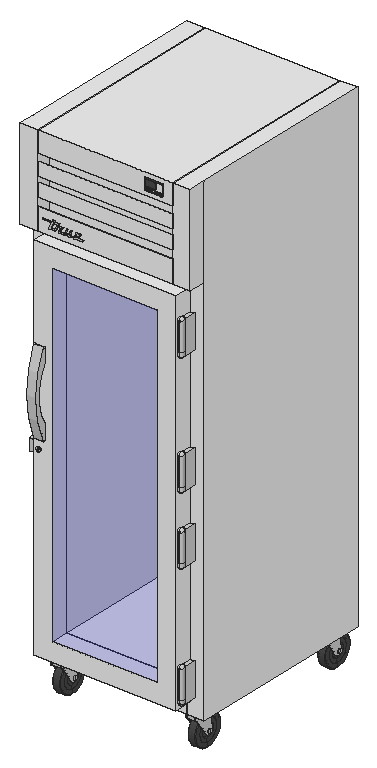
Revit family (continued)
Automatic sketch dimensions
  Revolve 32 sketch curve to Revolve 32 sketch curve = 1.29707"
  Revolve 32 sketch curve to Revolve 32 sketch curve = 0"
  Revolve 32 sketch curve to Revolve 32 sketch curve = 0.10278"
  Revolve 32 sketch curve to plane 7 = 0.00141"
  plane 7 to Revolve 32 sketch curve = 0.26768"
  Extrusion 33 sketch curve to plane 7 = 0.63926"  (x2)
  Extrusion 33 sketch curve to plane 5 "FRONT" = 3.79864"
  Extrusion 33 sketch curve to Extrusion 33 sketch curve = 1/4"  (x2)
  Extrusion 33 sketch curve to Extrusion 33 sketch curve = 2 1/2"
  Extrusion 33 sketch curve to plane 7 = 0.93273"  (x2)
  Extrusion 33 sketch curve to Extrusion 33 sketch curve = 0.03603"
  plane 1 "BACK" to Extrusion 33 sketch curve = 3.8577"
  Extrusion 33 sketch curve to plane 7 = 1.24411"
  plane 1 "BACK" to Extrusion 33 sketch curve = 1.1077"
  Revolve 34 sketch curve to plane 4 "RIGHT" = 4.35148"
  Revolve 34 sketch curve to Revolve 34 sketch curve = 0.48273"
  Revolve 34 sketch curve to Revolve 34 sketch curve = 0.4"
  Revolve 34 sketch curve to Revolve 34 sketch curve = 0"  (x2)
  Revolve 34 sketch curve to Revolve 34 sketch curve = 0.1"  (x2)
  Revolve 34 sketch curve to Revolve 34 sketch curve = 0.16101"
  Revolve 34 sketch curve to Revolve 34 sketch curve = 0.75408"
  Revolve 34 sketch curve to Revolve 34 sketch curve = 0.92798"
  Revolve 34 sketch curve to Revolve 34 sketch curve = 0.06101"
  Revolve 34 sketch curve to Revolve 34 sketch curve = 1/2"
  Revolve 34 sketch curve to Revolve 34 sketch curve = 0.16509"
  Revolve 34 sketch curve to Revolve 34 sketch curve = 0.39592"
  level to Revolve 34 sketch curve = 2 1/2"
  Revolve 34 sketch curve to Revolve 34 sketch curve = 0.29941"  (x2)
  Revolve 34 sketch curve to Revolve 34 sketch curve = 3/4"  (x4)
  Revolve 34 sketch curve to Revolve 34 sketch curve = 0.59652"
  Revolve 34 sketch curve to Revolve 34 sketch curve = 0.60059"
  plane 3 "LEFT" to Revolve 35 sketch curve = 1.33602"
  Revolve 35 sketch curve to Revolve 35 sketch curve = 0.48273"
  Revolve 35 sketch curve to plane 8 = 5/8"  (x2)
  Revolve 35 sketch curve to Revolve 35 sketch curve = 0.1"  (x2)
  Revolve 35 sketch curve to Revolve 35 sketch curve = 0.16101"
  plane 8 to Revolve 35 sketch curve = 0.12908"
  plane 8 to Revolve 35 sketch curve = 0.46399"
  plane 8 to Revolve 35 sketch curve = 0.525"
  Revolve 35 sketch curve to Revolve 35 sketch curve = 1/2"
  Revolve 35 sketch curve to Revolve 35 sketch curve = 0.16509"
  Revolve 35 sketch curve to Revolve 35 sketch curve = 0.39592"
  level to Revolve 35 sketch curve = 2 1/2"
  Revolve 35 sketch curve to Revolve 35 sketch curve = 0"
  Revolve 35 sketch curve to Revolve 35 sketch curve = 0.29941"  (x2)
  Revolve 35 sketch curve to Revolve 35 sketch curve = 3/4"  (x4)
  Revolve 35 sketch curve to Revolve 35 sketch curve = 0.59652"
  Revolve 35 sketch curve to Revolve 35 sketch curve = 0.60059"
  Extrusion 36 sketch curve to plane 7 = 0.63926"  (x2)
  Extrusion 36 sketch curve to plane 5 "FRONT" = 3.79864"
  Extrusion 36 sketch curve to Extrusion 36 sketch curve = 1/4"  (x2)
  level to Extrusion 36 sketch curve = 2.18736"  (x2)
  Extrusion 36 sketch curve to Extrusion 36 sketch curve = 1.7492"
  Extrusion 36 sketch curve to Extrusion 36 sketch curve = 0.50669"  (x2)
  Extrusion 36 sketch curve to Extrusion 36 sketch curve = 2 1/2"
  level to Extrusion 36 sketch curve = 2.59003"
  Extrusion 36 sketch curve to Extrusion 36 sketch curve = 0.59966"  (x2)
  plane 1 "BACK" to Extrusion 36 sketch curve = 3.8577"
  plane 1 "BACK" to Extrusion 36 sketch curve = 1.8585"
  plane 1 "BACK" to Extrusion 36 sketch curve = 1.1077"
  Extrusion 36 sketch curve to Extrusion 36 sketch curve = 0.32905"
  Extrusion 36 sketch curve to Extrusion 36 sketch curve = 0.60485"  (x2)
  Extrusion 37 sketch curve to plane 7 = 0.63926"  (x2)
  Extrusion 37 sketch curve to plane 5 "FRONT" = 3.79864"
  Extrusion 37 sketch curve to Extrusion 37 sketch curve = 1/4"  (x2)
  level to Extrusion 37 sketch curve = 2.18736"  (x2)
  Extrusion 37 sketch curve to Extrusion 37 sketch curve = 1.7492"
  Extrusion 37 sketch curve to Extrusion 37 sketch curve = 0.50669"  (x2)
  Extrusion 37 sketch curve to Extrusion 37 sketch curve = 2 1/2"
  level to Extrusion 37 sketch curve = 2.59003"
  Extrusion 37 sketch curve to Extrusion 37 sketch curve = 0.59966"  (x2)
  plane 1 "BACK" to Extrusion 37 sketch curve = 3.8577"
  plane 1 "BACK" to Extrusion 37 sketch curve = 1.8585"
  plane 1 "BACK" to Extrusion 37 sketch curve = 1.1077"
  Extrusion 37 sketch curve to Extrusion 37 sketch curve = 0.32905"
  Extrusion 37 sketch curve to Extrusion 37 sketch curve = 0.60485"  (x2)
  Revolve 38 sketch curve to plane 8 = 0"  (x2)
  Revolve 38 sketch curve to plane 7 = 0.62954"
  Revolve 38 sketch curve to plane 8 = 1.29707"
  Revolve 38 sketch curve to Revolve 38 sketch curve = 0.10278"
  Revolve 38 sketch curve to plane 7 = 0.00141"
  plane 7 to Revolve 38 sketch curve = 0.26768"
  Revolve 39 sketch curve to level = 0"
  Revolve 39 sketch curve to plane 8 = 0"  (x2)
  Revolve 39 sketch curve to plane 8 = 1/2"
  Revolve 39 sketch curve to Revolve 39 sketch curve = 1/4"
  Revolve 39 sketch curve to plane 7 = 0"
  Revolve 39 sketch curve to plane 8 = 1.33338"
  level to Revolve 39 sketch curve = 1"
  Revolve 39 sketch curve to Revolve 39 sketch curve = 5/8"
  plane 7 to Revolve 39 sketch curve = 1 25/32"
  Revolve 40 sketch curve to level = 0"
  Revolve 40 sketch curve to plane 8 = 0"  (x2)
  Revolve 40 sketch curve to plane 8 = 1/2"
  Revolve 40 sketch curve to Revolve 40 sketch curve = 1/4"
  Revolve 40 sketch curve to plane 7 = 0"
  Revolve 40 sketch curve to plane 8 = 1.33338"
  level to Revolve 40 sketch curve = 1"
  Revolve 40 sketch curve to Revolve 40 sketch curve = 5/8"
  plane 7 to Revolve 40 sketch curve = 1 25/32"
  Revolve 41 sketch curve to plane 8 = 0"  (x2)
  Revolve 41 sketch curve to plane 7 = 0.62954"
  Revolve 41 sketch curve to plane 8 = 1.29707"
  Revolve 41 sketch curve to Revolve 41 sketch curve = 0.10278"
  Revolve 41 sketch curve to plane 7 = 0.00141"
  plane 7 to Revolve 41 sketch curve = 0.26768"
  Extrusion 42 sketch curve to plane 7 = 0.63926"  (x2)
  Extrusion 42 sketch curve to plane 5 "FRONT" = 3.79864"
  Extrusion 42 sketch curve to Extrusion 42 sketch curve = 1/4"  (x2)
  Extrusion 42 sketch curve to Extrusion 42 sketch curve = 2 1/2"
  Extrusion 42 sketch curve to plane 7 = 0.93273"  (x2)
  Extrusion 42 sketch curve to Extrusion 42 sketch curve = 0.03603"
  plane 1 "BACK" to Extrusion 42 sketch curve = 3.8577"
  Extrusion 42 sketch curve to plane 7 = 1.24411"
  plane 1 "BACK" to Extrusion 42 sketch curve = 1.1077"
  plane 3 "LEFT" to Revolve 43 sketch curve = 1.33602"
  Revolve 43 sketch curve to Revolve 43 sketch curve = 0.48273"
  Revolve 43 sketch curve to plane 8 = 5/8"  (x2)
  Revolve 43 sketch curve to Revolve 43 sketch curve = 0.1"  (x2)
  Revolve 43 sketch curve to Revolve 43 sketch curve = 0.16101"
  plane 8 to Revolve 43 sketch curve = 0.12908"
  plane 8 to Revolve 43 sketch curve = 0.46399"
  plane 8 to Revolve 43 sketch curve = 0.525"
  Revolve 43 sketch curve to Revolve 43 sketch curve = 1/2"
  Revolve 43 sketch curve to Revolve 43 sketch curve = 0.16509"
  Revolve 43 sketch curve to Revolve 43 sketch curve = 0.39592"
  level to Revolve 43 sketch curve = 2 1/2"
  Revolve 43 sketch curve to Revolve 43 sketch curve = 0"
  Revolve 43 sketch curve to Revolve 43 sketch curve = 0.29941"  (x2)
  Revolve 43 sketch curve to Revolve 43 sketch curve = 3/4"  (x4)
  Revolve 43 sketch curve to Revolve 43 sketch curve = 0.59652"
  Revolve 43 sketch curve to Revolve 43 sketch curve = 0.60059"
  plane 8 to Extrusion 45 sketch curve = 2 7/16"
  Extrusion 45 sketch curve to plane 4 "RIGHT" = 5 9/32"
  plane 7 to Extrusion 45 sketch curve = 4 29/32"
  Extrusion 45 sketch curve to plane 6 "TOP" = 19 5/32"
  Extrusion 46 sketch curve to plane 8 = 0"
  Extrusion 46 sketch curve to plane 5 "FRONT" = 5.09023"
  Extrusion 47 sketch curve to plane 8 = 0"
  plane 1 "BACK" to Extrusion 47 sketch curve = 2.69102"
  Extrusion 48 sketch curve to plane 4 "RIGHT" = 2 27/32"
  plane 1 "BACK" to Extrusion 48 sketch curve = 2.69102"
  Extrusion 49 sketch curve to plane 4 "RIGHT" = 2 27/32"
  Extrusion 49 sketch curve to plane 5 "FRONT" = 5.09023"
  Extrusion 3 sketch curve to plane 9 = 0"  (x4)
  Extrusion 3 sketch curve to plane 6 "TOP" = 0"
  plane 9 to Extrusion 3 sketch curve = 2.2042"
  Extrusion 3 sketch curve to Extrusion 3 sketch curve = 0"  (x3)
  plane 1 "BACK" to Extrusion 3 sketch curve = 0"
  Extrusion 3 sketch curve to plane 6 "TOP" = 3.34422"
  Extrusion 3 sketch curve to Extrusion 3 sketch curve = 1.12227"  (x2)
  Extrusion 3 sketch curve to Extrusion 3 sketch curve = 0.445"
  Extrusion 3 sketch curve to Extrusion 3 sketch curve = 2.13371"  (x2)
  Extrusion 3 sketch curve to Extrusion 3 sketch curve = 0.96076"  (x2)
  Extrusion 3 sketch curve to Extrusion 3 sketch curve = 2.0962"  (x2)
  Extrusion 3 sketch curve to Extrusion 3 sketch curve = 1.27557"  (x2)
  Extrusion 3 sketch curve to Extrusion 3 sketch curve = 2 1/8"
  plane 7 to Extrusion 3 sketch curve = 2.86127"
  Extrusion 3 sketch curve to plane 7 = 0"
  Extrusion 3 sketch curve to Extrusion 3 sketch curve = 2"
  plane 9 to Extrusion 3 sketch curve = 2.7042"  (x2)
  Extrusion 3 sketch curve to Extrusion 3 sketch curve = 2 1/2"
  Extrusion 3 sketch curve to Extrusion 3 sketch curve = 1"
  curve 5 to plane 3 "LEFT" = 0"
  plane 5 "FRONT" to curve 23 = 0"
  plane 1 "BACK" to curve 4 = 0"
  curve 4 to plane 4 "RIGHT" = 0"
  plane 3 "LEFT" to curve 11 = 1.20097"
  plane 3 "LEFT" to curve 7 = 1.20097"
  curve 23 to plane 8 = 9/16"
  curve 26 to plane 8 = 0.36903"
  curve 8 to plane 8 = 11/32"
  curve 13 to plane 8 = 11/32"
  plane 8 to curve 7 = 0.98222"
  plane 1 "BACK" to curve 11 = 0.4208"
  plane 8 to curve 11 = 0.98222"
  plane 8 to curve 25 = 1.13097"
  curve 16 to plane 4 "RIGHT" = 5.39157"
  curve 19 to plane 4 "RIGHT" = 5.29782"
  curve 15 to curve 16 = 1.29904"
  curve 19 to curve 20 = 1.29904"
  plane 1 "BACK" to curve 14 = 0.4208"
  curve 14 to plane 4 "RIGHT" = 2.76657"
  curve 18 to plane 4 "RIGHT" = 2.67282"
  curve 22 to plane 4 "RIGHT" = 2 9/32"
  curve 24 to curve 24 = 1.63415"
  curve 27 to curve 24 = 0.2"
  curve 5 to plane 5 "FRONT" = 2 1/4"
  curve 21 to plane 5 "FRONT" = 3.92849"
  curve 5 to curve 9 = 1.78257"
  curve 20 to curve 20 = 3/4"
  curve 8 to curve 7 = 3/4"
  curve 13 to curve 10 = 5.29663"
  curve 16 to curve 14 = 5.29663"
  Extrusion 6 sketch curve to plane 8 = 9/16"
  Extrusion 6 sketch curve to plane 6 "TOP" = 16 5/32"
  Extrusion 6 sketch curve to Extrusion 6 sketch curve = 3"
  plane 7 to Extrusion 6 sketch curve = 4 29/32"
  plane 7 to Extrusion 6 sketch curve = 1 29/32"
  plane 5 "FRONT" to Extrusion 44 sketch curve = 0"
  Extrusion 44 sketch curve to plane 8 = 9/16"
  Extrusion 44 sketch curve to plane 4 "RIGHT" = 2 9/32"
  radius of Extrusion 8 sketch curve = 0.35"
  radius of Extrusion 12 sketch curve = 1/4"
  radius of Extrusion 46 sketch curve = 1 1/2"
  radius of Extrusion 47 sketch curve = 1 1/2"
  radius of Extrusion 48 sketch curve = 1 1/2"
  radius of Extrusion 49 sketch curve = 1 1/2"
Connectors (in)
  electrical at (24.25, -0.0625, 82), driven by "Volts", driven by "Watts"
    settings: on Extrusion 12, index 1, voltage 208 V, apparent load 1500 VA, apparent load phase1 0 VA, apparent load phase2 0 VA, apparent load phase3 0 VA, power factor 1, load classification "Other", number of poles 1, system type 30, power factor state 1, is connector primary yes, connector utility no, sub classification motor no, connector description "Electrical Connection"
